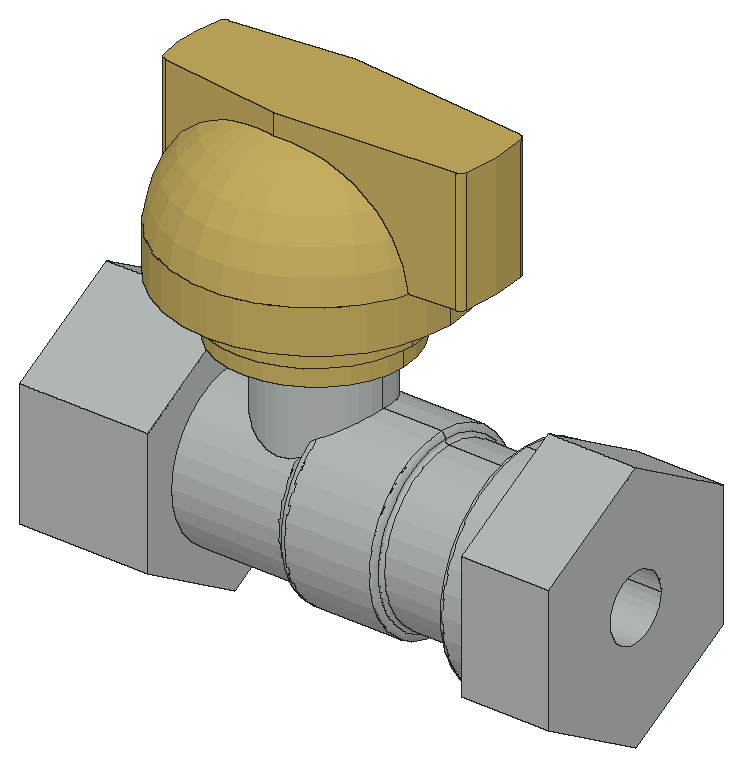
Revit family "QP21380000", category Apparecchi idraulici, Revit 2020
Family settings
  Quota connettore circolare = Usa diametro
  Tipo di parte = Normale
  Numero OmniClass = 23.45.00.00
  Titolo OmniClass = Sanitary, Laundry, and Cleaning Equipment
  Basato su piano di lavoro = No
  Sempre verticale = Sì
  Taglio con vuoti quando caricato = No
  Condiviso = No
  Punto di calcolo locali = No
Parameters
  URL = "https://web.cimberio.com/index.php/figura/150?subcategoria_id="
  Temperatura di esercizio = "-20 ÷ 60°C"
  Prospetto di default = 0 mm
  Produttore = "CIMBERIO SPA"
  Pressione nominale = "MOP 5"
  Modello = "Cim 188PG"
  Materiale = "Prodotto in lega di ottone conforme alla norma EN 12165-CW617N-DW"
  Descrizione = "Utilizzato nell’impiantistica distributiva di gas a bassa pressione per le categorie:\r\nGas naturali: gas derivati dal petrolio (Metano) e gas di ricambio.\r\nGas di città: prodotti secondo i diversi procedimenti (Cracking - Cokerie - ecc.).\r\nGas liquidi: propano e miscele di gas propano/butano"
  DN Model [instance] = QP21382102 : QP21382102
  DN [instance] = 9 mm
  Commenti sul tipo = "Realizzato in ottemperanza ai requisiti gestionali della norma EN ISO 9001.\r\nCollaudato al 100% secondo la normativa EN 12266-1"
Reference planes
  plane 1 "Centro (Fronte/Retro)": y = 0
  plane 2: z = 0
  plane 3 "Centro (Sinistra/Destra)": x = 0
Dimensions and locks
  aligned and locked: level to plane 2
Nested families
  nested 1: "QP21382102" at (0, 0, 0), type <- "DN Model", type "QP21382102"
  nested 2: "QP21382102" at (0, 0, 0), type <- "DN Model", type "QP21382102"
Connectors
  piping at (44.215, 0, 0), diameter 9, driven by "DN"
    settings: on nested 1, index 1, connector inside diameter 609.6 mm, connector length 0 mm, flow factor 0, pipe flow 0.0 L/s, pressure drop 0.0 Pa, fitting loss kfactor 0, connector angle 0.00°, fixture units 0, engagement length 0 mm, angle of deflection 0.00°, flow configuration 0, flow direction 0, fitting loss method 0, system type 7, joint type 0, gender type 0, connector reference index -1, connector utility 0, adjustable connector no, is connector primary yes, connector description ""
  piping at (-29.052, 0, 0), diameter 9, driven by "DN"
    settings: on nested 1, index 2, connector inside diameter 609.6 mm, connector length 0 mm, flow factor 0, pipe flow 0.0 L/s, pressure drop 0.0 Pa, fitting loss kfactor 0, connector angle 0.00°, fixture units 0, engagement length 0 mm, angle of deflection 0.00°, flow configuration 0, flow direction 0, fitting loss method 0, system type 7, joint type 0, gender type 0, connector reference index -1, connector utility 0, adjustable connector no, is connector primary no, connector description ""
Definition of nested family "QP21382102"
  Parameters (values of type "QP21382102")
    URL = ""
    Default Elevation = 0 mm
    Manufacturer = ""
    Model = ""
    Description = ""
    Type Comments = ""
  Reference planes
    plane 1 "Centro (Fronte/Retro)": y = 0
    plane 2: z = 0
    plane 3 "Centro (Sinistra/Destra)": x = 0
  Forms (mm)
    Revolve 1, solid
      sketch origin (1.758, 0, 0) x (1, 0, 0) y (0, 0, 1)
        loop
          line (-0.754, 4.83) -> (7.416, 4.83) -> (7.416, 20.836) -> (-0.754, 20.836) -> (-0.754, 4.83)
        axis (-0.754, 20.836) -> (-0.754, 4.83)
      angle from 0 to 360
    Revolve 2, solid
      sketch origin (0, 0, 0) x (1, 0, 0) y (0, 0, 1)
        loop
          line (29.19, -14.733) -> (32.25, -14.733) -> (32.25, -4.5) -> (-11.409, -4.5) -> (-11.409, -10.983) -> (3.557, -10.983)
          arc (3.557, -10.983) -> (4.268, -11.328) -> (4.711, -11.983) r 1.528
          arc (4.711, -11.983) -> (5.077, -12.349) -> (5.577, -12.483) r 1
          line (5.577, -12.483) -> (17.3, -12.483)
          arc (17.3, -12.483) -> (17.636, -12.081) -> (17.8, -11.583) r 1.391
          arc (17.8, -11.583) -> (17.946, -11.229) -> (18.3, -11.083) r 0.5
          line (18.3, -11.083) -> (28.69, -11.083) -> (28.69, -14.233)
          arc (28.69, -14.233) -> (28.836, -14.587) -> (29.19, -14.733) r 0.5
        axis (-11.409, 0) -> (32.25, 0)
      angle from 0 to 360
    Extrusion 3, solid
      sketch origin (0, 0, 0) x (0, 1, 0) y (0, 0, 1)
        loop
          circle (0, 0) r 4.5
        loop
          line (0, 17.4) -> (-15.069, 8.7) -> (-15.069, -8.7) -> (0, -17.4) -> (15.069, -8.7) -> (15.069, 8.7) -> (0, 17.4)
      from 32.25 to 44.215
    Extrusion 4, solid
      sketch origin (-61.302, 0, 0) x (0, 1, 0) y (0, 0, 1)
        loop
          circle (0, 0) r 4.5
        loop
          line (0, 17.4) -> (-15.069, 8.7) -> (-15.069, -8.7) -> (0, -17.4) -> (15.069, -8.7) -> (15.069, 8.7) -> (0, 17.4)
      from 32.25 to 49.893
  Dimensions and locks
    aligned and locked: level to plane 2
  Nested families
    nested 1: "MANIGLIA SICUREZZA PREMI E GIRA" at (0, 0, 18.675), type "MANIGLIA SICUREZZA PREMI E GIRA"
  Definition of nested family "MANIGLIA SICUREZZA PREMI E GIRA"
    Parameters (values of type "MANIGLIA SICUREZZA PREMI E GIRA")
      URL = ""
      Default Elevation = 0 mm
      Manufacturer = ""
      Model = ""
      Description = ""
      Type Comments = ""
    Reference planes
      plane 1 "Centro (Fronte/Retro)": y = 0
      plane 2: z = 0
      plane 3 "Centro (Sinistra/Destra)": x = 0
    Forms (mm)
      Revolve 1, solid
        sketch origin (0.744, 0, -12.594) x (1, 0, 0) y (0, 0, 1)
          loop
            line (11.362, 12.594) -> (11.362, 15.594) -> (12.523, 15.594) -> (12.523, 20.094) -> (17.823, 20.094) -> (17.823, 26.094)
            arc (17.823, 26.094) -> (14.02, 35.192) -> (5.793, 40.629) r 16.935
            line (5.793, 40.629) -> (-0.977, 40.629) -> (-0.977, 12.594) -> (11.362, 12.594)
          axis (-0.977, 12.594) -> (-0.977, 40.629)
        angle from 0 to 360
      Extrusion 2, solid
        sketch origin (1.758, 0, -12.55) x (1, 0, 0) y (0, 1, 0)
          loop
            arc (-19.114, 4.772) -> (-19.758, -0.042) -> (-19.091, -4.852) r 18
            arc (-19.091, -4.852) -> (-18.778, -5.343) -> (-18.244, -5.576) r 1
            line (-18.244, -5.576) -> (-1.755, -7.5) -> (21.908, -5.5)
            arc (21.908, -5.5) -> (22.493, -5.247) -> (22.806, -4.691) r 1
            arc (22.806, -4.691) -> (23.25, 0) -> (22.806, 4.691) r 25
            arc (22.806, 4.691) -> (22.489, 5.25) -> (21.897, 5.501) r 1
            line (21.897, 5.501) -> (-2.38, 7.425) -> (-18.27, 5.5)
            arc (-18.27, 5.5) -> (-18.802, 5.265) -> (-19.114, 4.772) r 1
        from 26.05 to 43.05
    Dimensions and locks
      aligned and locked: level to plane 2
